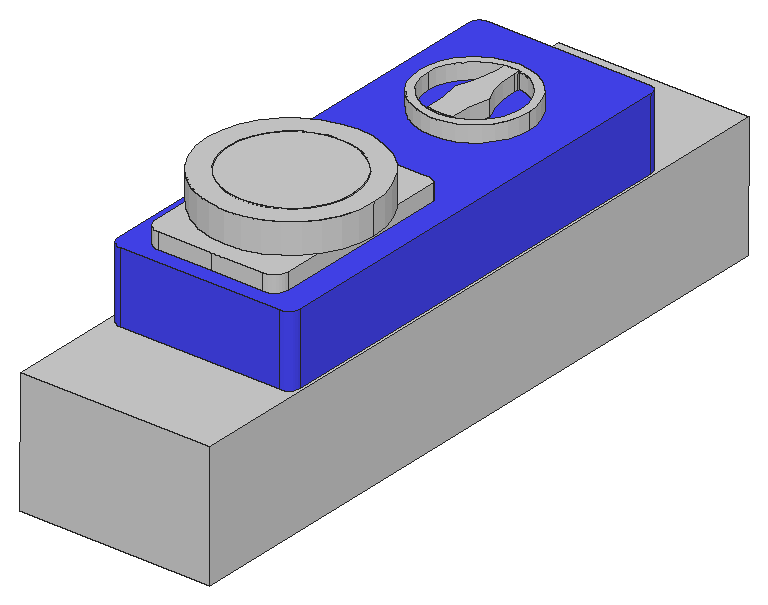
Revit family "Building-ConnessioniIEC309-GEWISS-67IB-PRESE-INTERBLOCCATE_IP67_CON_FONDO_63A_FUS", category Apparecchi elettrici, host Superficie, Revit 2019
Family settings
  Host = Superficie
  Mantenere orientamento annotazione = Sì
  Quota connettore circolare = Usa diametro
  Tipo di parte = Normale
  Taglio con vuoti quando caricato = Sì
  Condiviso = Sì
  Punto di calcolo locali = Sì
Parameters (values of type "GW67255N - PR.BL IP67 C.F.3P+N+T 63A 500V 7H CBF")
  presa = rosso
  npoli = 1
  giallo = 0 mm
  dist_piano [instance] = 0 mm
  di_simb [instance] = 10 mm
  Vista 2d [instance] = yes
  Versione file RFA = "21.4"
  URL = "https://www.gewiss.com/it/it"
  Tipologia = "Verticale"
  Tipo fusibile = "Ø 22x58 mm"
  Termopressione con biglia = "125 °C (Presa IB) - 80 °C (Cassetta di fondo)"
  Tensione nominale: = "480 - 500 V"
  Tensione nominale di tenuta ad impulso = "4KV"
  Tensione nominale di isolamento (Ui) = "500V"
  Tensione nominale = "480 - 500 V"
  Temperatura di utilizzo = "-25 +40 °C"
  Temperatura di funzionamento = "-25 ÷ +40 °C"
  Struttura = Grigio RAL - 7035
  Simbolo presa = PRESAINDSTAGNA : 3P
  Simbolo [instance] = yes
  Scheda Tecnica = "https://www.gewiss.com/it/it/search?q=GW67255N"
  SEO = "Presa"
  Riferimento h = "7"
  Resistenza agli urti = "IK08"
  Protezione = "Base portafusibile (CBF)"
  Default Elevation = 1219.2 mm
  Produttore = "GEWISS S.p.A."
  Potere di interruzione fusibili = "> 50 kA"
  Potenza in wolt = 0 V
  Peso (kg) = "Max. 2,5 Kg"
  Peso = "Max. 2,5 Kg"
  Numero di poli = "3P+N+T"
  N. poli = "3P+N+T"
  Modello = "GW67255N"
  Immagine tipo = L.jpg
  IDT = "c3a9b50e-4e9d-4f00-afb7-28748640f89d"
  IDF = "4aa2b484-5c2a-44cd-940a-1b22c431d32e"
  Grado di protezione = "IP67"
  Glow wire test: = "850 °C (Presa IB) - 650 °C (Cassetta di fondo)"
  Glow Wire Test = "850 °C (Presa IB) - 650 °C (Cassetta di fondo)"
  Frequenza nominale (Hz) = "50/60 Hz"
  Frequenza = "50/60 Hz"
  Distanza x [instance] = 0 mm
  Distanza orizzontale simbolo [instance] = 100 mm
  Distanza effettiva x [instance] = 1500 mm - Distanza x  # 1500 mm
  Descrizione = "PR.BL IP67 C.F.3P+N+T 63A 500V 7H CBF"
  Creato da GEWISS S.p.A. = ""
  Corrente nominale di cortocircuito (Icc) = "10KA"
  Corrente nominale (In) presa IB = "48A"
  Corrente nominale (In) = "63"
  Corrente nominale (A) = "63"
  Corpo presa = GEWISS -BLU
  Cornice simbolo [instance] = yes
  Con fondo = "Si"
  Colore: = "Nero"
  Colore = "Nero"
  Codice Electrocod = "2222"
  Codice EAN = "8011564742253"
  Catalogo Serie = "67 IB"
  Catalogo = "BUILDING"
  COBie.Tagnumber = ""
  COBie.CreatedOn = ""
  COBie.CreatebBy = ""
  COBie.ComponentRegisterItemID = ""
  COBie.Component.TagNumber = ""
  COBie.Component.Space = ""
  COBie.Component.SerialNumber = ""
  COBie.Component.InstallationDate = ""
  COBie.Component.Description = ""
  COBie.Component.BarCode = ""
Types (11, lengths in mm): name | Tensione nominale: | Tensione nominale | Scheda Tecnica | Riferimento h | Numero di poli | N. poli | Modello | IDT | Descrizione | Corrente nominale (In) presa IB | Colore: | Colore | Codice EAN
  GW67245N - PR.BL IP67 C.F.2P+T 63A 110V 4H CBF | "100 - 130 V" | "100 - 130 V" | "https://www.gewiss.com/it/it/search?q=GW67245N" | "4" | "2P+T" | "2P+T" | "GW67245N" | "75e21ffc-e24b-42f5-81f5-3eca0e25fa48" | "PR.BL IP67 C.F.2P+T 63A 110V 4H CBF" | "54A" | "Giallo" | "Giallo" | "8011564742154"
  GW67246N - PR.BL IP67 C.F.3P+T 63A 110V 4H CBF | "100 - 130 V" | "100 - 130 V" | "https://www.gewiss.com/it/it/search?q=GW67246N" | "4" | "3P+T" | "3P+T" | "GW67246N" | "f0edf303-f6f3-471c-8832-2f39ec08b6d0" | "PR.BL IP67 C.F.3P+T 63A 110V 4H CBF" | "52A" | "Giallo" | "Giallo" | "8011564742161"
  GW67247N - PR.BL IP67 C.F.3P+N+T 63A 110V 4H CBF | "100 - 130 V" | "100 - 130 V" | "https://www.gewiss.com/it/it/search?q=GW67247N" | "4" | "3P+N+T" | "3P+N+T" | "GW67247N" | "988bef1f-4404-46a9-900d-16c0072cb507" | "PR.BL IP67 C.F.3P+N+T 63A 110V 4H CBF" | "48A" | "Giallo" | "Giallo" | "8011564742178"
  GW67248N - PR.BL IP67 C.F.2P+T 63A 230V 6H CBF | "200 - 250 V" | "200 - 250 V" | "https://www.gewiss.com/it/it/search?q=GW67248N" | "6" | "2P+T" | "2P+T" | "GW67248N" | "0f50aefc-8b62-4424-ad2e-9d7e70bd5565" | "PR.BL IP67 C.F.2P+T 63A 230V 6H CBF" | "54A" | "Blu" | "Blu" | "8011564742185"
  GW67249N - PR.BL IP67 C.F.3P+T 63A 230V 9H CBF | "200 - 250 V" | "200 - 250 V" | "https://www.gewiss.com/it/it/search?q=GW67249N" | "9" | "3P+T" | "3P+T" | "GW67249N" | "6a8054e5-1ad7-4ecd-b4c8-2701be64e304" | "PR.BL IP67 C.F.3P+T 63A 230V 9H CBF" | "52A" | "Blu" | "Blu" | "8011564742192"
  GW67250N - PR.BL IP67 C.F.3P+N+T 63A 230V 9H CBF | "200 - 250 V" | "200 - 250 V" | "https://www.gewiss.com/it/it/search?q=GW67250N" | "9" | "3P+N+T" | "3P+N+T" | "GW67250N" | "70e28c87-f6f5-4e80-af1d-078a08a626f9" | "PR.BL IP67 C.F.3P+N+T 63A 230V 9H CBF" | "48A" | "Blu" | "Blu" | "8011564742208"
  GW67251N - PR.BL IP67 C.F.2P+T 63A 400V 9H CBF | "380 - 415 V" | "380 - 415 V" | "https://www.gewiss.com/it/it/search?q=GW67251N" | "9" | "2P+T" | "2P+T" | "GW67251N" | "ddbee239-5c1a-499c-96da-6e439cd37584" | "PR.BL IP67 C.F.2P+T 63A 400V 9H CBF" | "54A" | "Rosso" | "Rosso" | "8011564742215"
  GW67252N - PR.BL IP67 C.F.3P+T 63A 400V 6H CBF | "380 - 415 V" | "380 - 415 V" | "https://www.gewiss.com/it/it/search?q=GW67252N" | "6" | "3P+T" | "3P+T" | "GW67252N" | "09da8fb5-6a28-4a9a-b9b3-701aec00e37d" | "PR.BL IP67 C.F.3P+T 63A 400V 6H CBF" | "52A" | "Rosso" | "Rosso" | "8011564742222"
  GW67253N - PR.BL IP67 C.F.3P+N+T 63A 400V 6H CBF | "380 - 415 V" | "380 - 415 V" | "https://www.gewiss.com/it/it/search?q=GW67253N" | "6" | "3P+N+T" | "3P+N+T" | "GW67253N" | "97626786-935c-46f3-8818-172a3d132a53" | "PR.BL IP67 C.F.3P+N+T 63A 400V 6H CBF" | "48A" | "Rosso" | "Rosso" | "8011564742239"
  GW67254N - PR.BL IP67 C.F.3P+T 63A 500V 7H CBF | "480 - 500 V" | "480 - 500 V" | "https://www.gewiss.com/it/it/search?q=GW67254N" | "7" | "3P+T" | "3P+T" | "GW67254N" | "b6c982c8-ed38-4f16-88bd-40fd8395360f" | "PR.BL IP67 C.F.3P+T 63A 500V 7H CBF" | "52A" | "Nero" | "Nero" | "8011564742246"
  GW67255N - PR.BL IP67 C.F.3P+N+T 63A 500V 7H CBF | "480 - 500 V" | "480 - 500 V" | "https://www.gewiss.com/it/it/search?q=GW67255N" | "7" | "3P+N+T" | "3P+N+T" | "GW67255N" | "c3a9b50e-4e9d-4f00-afb7-28748640f89d" | "PR.BL IP67 C.F.3P+N+T 63A 500V 7H CBF" | "48A" | "Nero" | "Nero" | "8011564742253"
Reference planes
  plane 1 "Centro (Fronte/Retro)": y = 0
  plane 2: z = 0
  plane 3 "Centro (Sinistra/Destra)": x = 0
  plane 4: z = -2
  plane 5: x = 0
  plane 6: x = -1500
  plane 7: x = 0
  plane 8: y = 10
  plane 9: y = -190.148
  plane 10: y = 190.148
  plane 11: z = -2
  plane 12: z = 68
  plane 13: x = -53.5
  plane 14: x = 53.5
Forms (mm)
  Extrusion 1, solid, material "Grigio RAL - 7035" <- "Struttura"
    sketch origin (0, 0, 0) x (0, 1, 0) y (0, 0, 1)
      loop
        line (-190.148, -2) -> (190.148, -2) -> (190.148, 68) -> (-190.148, 68) -> (-190.148, -2)
    from -53.5 to 53.5
Lines and regions (mm)
  Masking region 1, visible <- "Vista 2d"
    outline origin (0, 0, 0) x (1, 0, 0) y (0, 0, 1)
      loop
        line (-48.014, 117) -> (45.783, 117) -> (45.783, 134) -> (-48.014, 134) -> (-48.014, 117)
  Masking region 2, visible <- "Vista 2d"
    outline origin (0, 0, 0) x (1, 0, 0) y (0, 0, 1)
      loop
        line (-38.619, 108) -> (36.387, 108) -> (36.387, 117) -> (-38.619, 117) -> (-38.619, 108)
  Masking region 3, visible <- "Vista 2d"
    outline origin (0, 0, 0) x (1, 0, 0) y (0, 0, 1)
      loop
        line (-51.5, 68) -> (51.5, 68) -> (51.5, 108) -> (-51.5, 108) -> (-51.5, 68)
Dimensions and locks
  locked: plane 2 to plane 4 at 2
  "Distanza effettiva x": plane 5 to plane 6
  plane 3 "Centro (Sinistra/Destra)" to plane 6 = 1500 mm
  plane 6 to plane 5 = 1500 mm
  "Distanza effettiva x": plane 6 to plane 7
  "di_simb": plane 8 to plane 1 "Centro (Fronte/Retro)"
  equal spacing: plane 9, plane 1 "Centro (Fronte/Retro)", plane 10
  plane 9 to plane 10 = 380.295 mm
  plane 12 to plane 11 = 70 mm
  "dist_piano": plane 11 to plane 4
  locked: plane 13 to nested 1 at 2
  locked: plane 14 to nested 1 at 2
  aligned and locked: plane 2 to host face
  aligned and locked: level to host face
  aligned and locked: plane 3 "Centro (Sinistra/Destra)" to nested 1
  aligned and locked: Extrusion 1 sketch curve to plane 9
  aligned and locked: Extrusion 1 sketch curve to plane 11
  aligned and locked: Extrusion 1 sketch curve to plane 12
  aligned and locked: Extrusion 1 sketch curve to plane 10
  aligned and locked: nested 1 to plane 12
  aligned and locked: plane 13 to Extrusion 1
  aligned and locked: Extrusion 1 to plane 14
  aligned and locked: Masking region 1 sketch curve to nested 1  (x4)
  aligned and locked: Masking region 2 sketch curve to nested 1  (x4)
  aligned and locked: Masking region 3 sketch curve to nested 1  (x3)
  aligned and locked: nested 1 to Masking region 3 sketch curve
  aligned and locked: plane 7 to nested 2
Automatic sketch dimensions
  host sketch curve to host sketch curve = 2438.4 mm  (x2)
Nested families
  nested 1: "67IB PRESE INTERBLOC VERT 63A + PORTAFUS IP67_base" at (0, 0, 68), type "67IB PRESE INTERBLOC VERT 63A + PORTAFUS IP67_base", detail levels medium+fine
  nested 2: "PRESAINDPFUS_BASE" at (0, 41, 0), DIS <- "di_simb", type "2P"
    with DIS 10 mm, CORNICE SIMBOLO yes
Connectors
  electrical at (0, 0, -2), driven by "npoli", driven by "Potenza in wolt"
    settings: on Extrusion 1, index 1, voltage 0 V, apparent load 0 VA, apparent load phase1 0 VA, apparent load phase2 0 VA, apparent load phase3 0 VA, power factor 1, load classification "Altro", number of poles 1, system type 31, power factor state 1, is connector primary yes, connector utility no, sub classification motor no, connector description ""
Definition of nested family "67IB PRESE INTERBLOC VERT 63A + PORTAFUS IP67_base"
  Parameters (values of type "67IB PRESE INTERBLOC VERT 63A + PORTAFUS IP67_base")
    l = 260.291 mm
    corpo presa = none
    Struttura = none
    Spessore = 30 mm
    Default Elevation = 14 mm
    Presa = none
    Lunghezza = 103 mm
    IFC.TypeObject = ""
    IFC.ExportType = ""
    IFC.ExportAs = ""
    H_da terra = 586.883 mm
    COBie.CreatedOn = ""
    COBie.CreatebBy = ""
    COBie.ComponentRegisterItemID = ""
    COBie.Component.TagNumber = ""
    COBie.Component.Space = ""
    COBie.Component.SerialNumber = ""
    COBie.Component.InstallationDate = ""
    COBie.Component.Description = ""
    COBie.Component.BarCode = ""
    Altezza = 220 mm
  Reference planes
    plane 1 "Centro (Fronte/Retro)": y = 0
    plane 2: z = 0
    plane 3 "Centro (Sinistra/Destra)": x = 0
    plane 4: z = 6.883
    plane 5: z = 10.499
    plane 6: z = 66
    plane 7: z = 49
    plane 8: z = 40
    plane 9: y = 130.145
    plane 10: y = -130.145
    plane 11: y = -8
    plane 12: x = 51.5
    plane 13: x = -51.5
  Forms (mm)
    Extrusion 1, solid, material <- "Struttura"
      sketch origin (-1.116, -694.604, -30) x (1, 0, 0) y (0, 1, 0)
        loop
          line (-0.408, 686.604) -> (-29.506, 686.604)
          spline (-29.506, 686.604) -> (-30.55, 686.579) -> (-31.576, 686.505) -> (-32.567, 686.384) -> (-33.505, 686.218) -> (-34.375, 686.009) -> (-35.161, 685.76) -> (-35.851, 685.477) -> (-36.432, 685.164) -> (-36.895, 684.827) -> (-37.231, 684.47) -> (-37.435, 684.101) -> (-37.503, 683.725)
          line (-37.503, 683.725) -> (-37.503, 581.36)
          spline (-37.503, 581.36) -> (-37.435, 580.332) -> (-37.231, 579.321) -> (-36.895, 578.345) -> (-36.432, 577.421) -> (-35.851, 576.564) -> (-35.161, 575.789) -> (-34.375, 575.11) -> (-33.505, 574.537) -> (-32.567, 574.082) -> (-31.576, 573.75) -> (-30.55, 573.549) -> (-29.506, 573.482)
          line (-29.506, 573.482) -> (0, 573.482) -> (29.506, 573.482)
          spline (29.506, 573.482) -> (30.55, 573.549) -> (31.576, 573.75) -> (32.567, 574.082) -> (33.505, 574.537) -> (34.375, 575.11) -> (35.161, 575.789) -> (35.851, 576.564) -> (36.432, 577.421) -> (36.895, 578.345) -> (37.231, 579.321) -> (37.435, 580.332) -> (37.503, 581.36)
          line (37.503, 581.36) -> (37.503, 683.725)
          spline (37.503, 683.725) -> (37.435, 684.101) -> (37.231, 684.47) -> (36.895, 684.827) -> (36.432, 685.164) -> (35.851, 685.477) -> (35.161, 685.76) -> (34.375, 686.009) -> (33.505, 686.218) -> (32.567, 686.384) -> (31.576, 686.505) -> (30.55, 686.579) -> (29.506, 686.604)
          line (29.506, 686.604) -> (-0.408, 686.604)
      from 70 to 79
    Extrusion 2, solid, material <- "Presa"
      sketch origin (-1.116, -710.854, -30) x (1, 0, 0) y (0, 1, 0)
        loop
          circle (0, 646.456) r 46.899
        loop
          circle (0, 646.456) r 35
      from 79 to 96
    Extrusion 3, solid, material <- "Struttura"
      sketch origin (-1.116, -687.104, -30) x (1, 0, 0) y (0, 1, 0)
        loop
          circle (0, 752.384) r 30.831
        loop
          circle (0, 752.384) r 26.483
      from 70 to 79
    Extrusion 4, solid, material <- "Struttura"
      sketch origin (-1.116, -687.104, -30) x (1, 0, 0) y (0, 1, 0)
        loop
          arc (-9.552, 750.899) -> (-7.429, 739.645) -> (-7.314, 728.193) r 64.983
          arc (-7.314, 728.193) -> (-0.131, 727.067) -> (7.064, 728.115) r 24.316
          arc (7.064, 728.115) -> (7.302, 739.566) -> (9.547, 750.796) r 64.983
          arc (9.547, 750.796) -> (5.519, 762.425) -> (4.215, 774.661) r 54.251
          line (4.215, 774.661) -> (4.25, 777.658)
          arc (4.25, 777.658) -> (3.985, 778.329) -> (3.336, 778.647) r 1
          arc (3.336, 778.647) -> (0.147, 778.794) -> (-3.043, 778.682) r 39.364
          arc (-3.043, 778.682) -> (-3.695, 778.371) -> (-3.967, 777.702) r 1
          line (-3.967, 777.702) -> (-3.964, 774.706)
          arc (-3.964, 774.706) -> (-5.4, 762.483) -> (-9.552, 750.899) r 54.251
      from 70 to 79
    Extrusion 5, solid, material <- "corpo presa"
      sketch origin (-3.616, -699.604, -30) x (1, 0, 0) y (0, 1, 0)
        loop
          arc (55.116, 823.443) -> (53.269, 827.902) -> (48.81, 829.749) r 6.306
          line (48.81, 829.749) -> (-41.578, 829.749)
          arc (-41.578, 829.749) -> (-46.037, 827.902) -> (-47.884, 823.443) r 6.306
          line (-47.884, 823.443) -> (-47.884, 575.973)
          arc (-47.884, 575.973) -> (-45.976, 571.366) -> (-41.369, 569.458) r 6.515
          line (-41.369, 569.458) -> (48.601, 569.458)
          arc (48.601, 569.458) -> (53.208, 571.366) -> (55.116, 575.973) r 6.515
          line (55.116, 575.973) -> (55.116, 823.443)
      from 30 to 70
    Extrusion 6, solid, material <- "Struttura", not visible
      sketch origin (0, 47.014, -580) x (1, 0, 0) y (0, 0, 1)
        loop
          line (-0.408, 691.748) -> (-29.506, 691.748)
          spline (-29.506, 691.748) -> (-30.55, 691.681) -> (-31.576, 691.48) -> (-32.567, 691.148) -> (-33.505, 690.693) -> (-34.375, 690.12) -> (-35.161, 689.441) -> (-35.851, 688.666) -> (-36.432, 687.809) -> (-36.895, 686.885) -> (-37.231, 685.909) -> (-37.435, 684.898) -> (-37.503, 683.87)
          line (-37.503, 683.87) -> (-37.503, 615.12)
          spline (-37.503, 615.12) -> (-37.435, 614.091) -> (-37.231, 613.081) -> (-36.895, 612.105) -> (-36.432, 611.18) -> (-35.851, 610.324) -> (-35.161, 609.549) -> (-34.375, 608.869) -> (-33.505, 608.297) -> (-32.567, 607.841) -> (-31.576, 607.51) -> (-30.55, 607.309) -> (-29.506, 607.241)
          line (-29.506, 607.241) -> (0, 607.241) -> (29.506, 607.241)
          spline (29.506, 607.241) -> (30.55, 607.309) -> (31.576, 607.51) -> (32.567, 607.841) -> (33.505, 608.297) -> (34.375, 608.869) -> (35.161, 609.549) -> (35.851, 610.324) -> (36.432, 611.18) -> (36.895, 612.105) -> (37.231, 613.081) -> (37.435, 614.091) -> (37.503, 615.12)
          line (37.503, 615.12) -> (37.503, 683.87)
          spline (37.503, 683.87) -> (37.435, 684.898) -> (37.231, 685.909) -> (36.895, 686.885) -> (36.432, 687.809) -> (35.851, 688.666) -> (35.161, 689.441) -> (34.375, 690.12) -> (33.505, 690.693) -> (32.567, 691.148) -> (31.576, 691.48) -> (30.55, 691.681) -> (29.506, 691.748)
          line (29.506, 691.748) -> (-0.408, 691.748)
      from 51.991 to 55.821
    Extrusion 7, solid, material <- "Presa", not visible
      sketch origin (0, 47.014, -580) x (1, 0, 0) y (0, 0, 1)
        loop
          circle (0, 646.456) r 46.899
      from 55.821 to 62.709
    Extrusion 8, solid, material <- "Struttura", not visible
      sketch origin (0, 47.014, -580) x (1, 0, 0) y (0, 0, 1)
        loop
          circle (0, 752.384) r 30.831
        loop
          circle (0, 752.384) r 26.483
      from 51.991 to 62.709
    Extrusion 9, solid, material <- "Struttura", not visible
      sketch origin (0, 47.014, -580) x (1, 0, 0) y (0, 0, 1)
        loop
          arc (-9.552, 750.899) -> (-7.429, 739.645) -> (-7.314, 728.193) r 64.983
          arc (-7.314, 728.193) -> (-0.131, 727.067) -> (7.064, 728.115) r 24.316
          arc (7.064, 728.115) -> (7.302, 739.566) -> (9.547, 750.796) r 64.983
          arc (9.547, 750.796) -> (5.519, 762.425) -> (4.215, 774.661) r 54.251
          line (4.215, 774.661) -> (4.25, 777.658)
          arc (4.25, 777.658) -> (3.985, 778.329) -> (3.336, 778.647) r 1
          arc (3.336, 778.647) -> (0.147, 778.794) -> (-3.043, 778.682) r 39.364
          arc (-3.043, 778.682) -> (-3.695, 778.371) -> (-3.967, 777.702) r 1
          line (-3.967, 777.702) -> (-3.964, 774.706)
          arc (-3.964, 774.706) -> (-5.4, 762.483) -> (-9.552, 750.899) r 54.251
      from 51.991 to 62.709
    Extrusion 10, solid, material <- "corpo presa", not visible
      sketch origin (0, 47.014, -580) x (1, 0, 0) y (0, 0, 1)
        loop
          arc (47.884, 796.962) -> (46.037, 801.42) -> (41.578, 803.267) r 6.306
          line (41.578, 803.267) -> (-41.578, 803.267)
          arc (-41.578, 803.267) -> (-46.037, 801.42) -> (-47.884, 796.962) r 6.306
          line (-47.884, 796.962) -> (-47.884, 597.014)
          arc (-47.884, 597.014) -> (-45.976, 592.407) -> (-41.369, 590.499) r 6.515
          line (-41.369, 590.499) -> (41.369, 590.499)
          arc (41.369, 590.499) -> (45.976, 592.407) -> (47.884, 597.014) r 6.515
          line (47.884, 597.014) -> (47.884, 796.962)
      from 30 to 51.991
    Extrusion 11, solid, material <- "Struttura"
      sketch origin (0, 0, 0) x (1, 0, 0) y (0, 1, 0)
        loop
          circle (-1.116, -64.397) r 35
      from 49 to 66
  Dimensions and locks
    locked: plane 5 to plane 4 at 3.616
    Extrusion 5 sketch curve to Extrusion 5 sketch curve = 103 mm
    plane 6 to plane 2 = 66 mm
    locked: plane 7 to plane 6 at 17
    plane 8 to plane 2 = 40 mm
    locked: plane 8 to plane 7 at 9
    equal spacing: plane 10, plane 1 "Centro (Fronte/Retro)", plane 9
    "l": plane 10 to plane 9
    locked: plane 1 "Centro (Fronte/Retro)" to plane 11 at 8
    equal spacing: plane 13, plane 3 "Centro (Sinistra/Destra)", plane 12
    radius of Extrusion 5 sketch curve = 6.306 mm  (x2)
    radius of Extrusion 5 sketch curve = 6.515 mm  (x2)
    aligned and locked: level to plane 2
    aligned and locked: Extrusion 3 to Extrusion 5
    aligned and locked: Extrusion 4 to Extrusion 3
    aligned and locked: Extrusion 3 to Extrusion 4
    aligned and locked: Extrusion 2 to Extrusion 1
    aligned and locked: Extrusion 5 to level
    aligned and locked: plane 6 to Extrusion 2
    aligned: Extrusion 11 sketch curve to Extrusion 2
    aligned and locked: Extrusion 11 sketch curve to Extrusion 2
    aligned and locked: Extrusion 11 to Extrusion 1
    aligned and locked: plane 6 to Extrusion 11
    aligned and locked: Extrusion 1 to plane 7
    aligned and locked: Extrusion 5 to plane 8
    aligned and locked: plane 8 to Extrusion 1
    aligned and locked: Extrusion 3 to plane 7
    aligned and locked: plane 10 to Extrusion 5
    aligned and locked: Extrusion 5 to plane 9
    aligned and locked: plane 11 to Extrusion 1 sketch curve
    aligned and locked: Extrusion 5 sketch curve to plane 13
  Automatic sketch dimensions
    Extrusion 1 sketch curve to plane 3 "Centro (Sinistra/Destra)" = 38.619 mm
    Extrusion 1 sketch curve to Extrusion 1 sketch curve = 7.997 mm  (x3)
    Extrusion 1 sketch curve to plane 3 "Centro (Sinistra/Destra)" = 1.523 mm
    Extrusion 1 sketch curve to plane 3 "Centro (Sinistra/Destra)" = 1.116 mm
    plane 3 "Centro (Sinistra/Destra)" to Extrusion 1 sketch curve = 28.391 mm  (x2)
    plane 1 "Centro (Fronte/Retro)" to Extrusion 1 sketch curve = 10.878 mm  (x2)
    Extrusion 1 sketch curve to Extrusion 1 sketch curve = 7.878 mm  (x2)
    Extrusion 2 sketch curve to Extrusion 2 sketch curve = 0 mm  (x2)
    Extrusion 2 sketch curve to plane 3 "Centro (Sinistra/Destra)" = 1.116 mm
    plane 1 "Centro (Fronte/Retro)" to Extrusion 2 sketch curve = 64.397 mm
    Extrusion 3 sketch curve to Extrusion 3 sketch curve = 0 mm  (x2)
    Extrusion 3 sketch curve to plane 3 "Centro (Sinistra/Destra)" = 1.116 mm
    Extrusion 3 sketch curve to plane 1 "Centro (Fronte/Retro)" = 65.28 mm
    Extrusion 4 sketch curve to plane 1 "Centro (Fronte/Retro)" = 46.167 mm
    Extrusion 4 sketch curve to plane 3 "Centro (Sinistra/Destra)" = 73.214 mm
    Extrusion 4 sketch curve to Extrusion 4 sketch curve = 13.883 mm
    Extrusion 4 sketch curve to plane 3 "Centro (Sinistra/Destra)" = 5.083 mm
    Extrusion 4 sketch curve to Extrusion 4 sketch curve = 0.003 mm
    Extrusion 4 sketch curve to Extrusion 4 sketch curve = 1 mm  (x2)
    Extrusion 4 sketch curve to plane 3 "Centro (Sinistra/Destra)" = 1.18 mm
    Extrusion 4 sketch curve to plane 3 "Centro (Sinistra/Destra)" = 1.116 mm
    plane 3 "Centro (Sinistra/Destra)" to Extrusion 4 sketch curve = 2.134 mm
    plane 3 "Centro (Sinistra/Destra)" to Extrusion 4 sketch curve = 3.099 mm
    Extrusion 4 sketch curve to Extrusion 4 sketch curve = 54.25 mm
    Extrusion 4 sketch curve to Extrusion 4 sketch curve = 13.435 mm
    Extrusion 4 sketch curve to plane 1 "Centro (Fronte/Retro)" = 45.393 mm
    Extrusion 4 sketch curve to plane 1 "Centro (Fronte/Retro)" = 52.327 mm
    Extrusion 4 sketch curve to Extrusion 4 sketch curve = 11.953 mm
    Extrusion 4 sketch curve to Extrusion 4 sketch curve = 41.757 mm
    Extrusion 4 sketch curve to Extrusion 4 sketch curve = 23.278 mm
    Extrusion 4 sketch curve to Extrusion 4 sketch curve = 0.044 mm
    Extrusion 4 sketch curve to Extrusion 4 sketch curve = 41.61 mm
    Extrusion 4 sketch curve to Extrusion 4 sketch curve = 2.99 mm
    Extrusion 4 sketch curve to Extrusion 4 sketch curve = 0.007 mm
    Extrusion 4 sketch curve to Extrusion 4 sketch curve = 2.979 mm
    Extrusion 4 sketch curve to Extrusion 4 sketch curve = 0.018 mm
    Extrusion 4 sketch curve to Extrusion 4 sketch curve = 9.552 mm
    Extrusion 4 sketch curve to plane 3 "Centro (Sinistra/Destra)" = 8.43 mm
    Extrusion 4 sketch curve to Extrusion 4 sketch curve = 0 mm
    plane 3 "Centro (Sinistra/Destra)" to Extrusion 4 sketch curve = 5.949 mm
    plane 9 to Extrusion 5 sketch curve = 0 mm
    Extrusion 1 sketch curve to plane 10 = 16.902 mm
    plane 10 to Extrusion 5 sketch curve = 0 mm
    radius of Extrusion 2 sketch curve = 46.899 mm
    radius of Extrusion 2 sketch curve = 35 mm
    radius of Extrusion 3 sketch curve = 30.831 mm
    radius of Extrusion 3 sketch curve = 26.483 mm
Definition of nested family "PRESAINDPFUS_BASE"
  Parameters (values of type "3P")
    DIS [instance] = 0 mm
    CORNICE SIMBOLO [instance] = yes
    3P = yes
  Types (2, lengths in mm): name | DIS | 3P
    3P | 0 | yes
    2P | 3.09 | no
  Reference planes
    plane 1: y = 0
    plane 2: x = 0
  Lines and regions (mm)
    detail lines, visible <- "CORNICE SIMBOLO"
      curve 1: line (-0.9, 2.3, 0) -> (0.9, 2.3, 0)
      curve 2: line (0.9, 2.3, 0) -> (0.9, 0, 0)
      curve 3: line (0.9, 0, 0) -> (-0.9, 0, 0)
      curve 4: line (-0.9, 0, 0) -> (-0.9, 2.3, 0)
    detail lines, not visible
      curve 5: line (-2.443, 10.208, 0) -> (2.057, 10.208, 0)
      curve 6: line (2.057, 10.208, 0) -> (2.057, 4.208, 0)
      curve 7: line (2.057, 4.208, 0) -> (-2.443, 4.208, 0)
      curve 8: line (-2.443, 4.208, 0) -> (-2.443, 10.208, 0)
      curve 9: line (-2.043, 9.808, 0) -> (1.657, 9.808, 0)
      curve 10: line (1.657, 9.808, 0) -> (1.657, 4.608, 0)
      curve 11: line (1.657, 4.608, 0) -> (-2.043, 4.608, 0)
      curve 12: line (-2.043, 4.608, 0) -> (-2.043, 9.808, 0)
      curve 35: line (-0.45, 0.969, 0) -> (-0.167, 0.969, 0)
      curve 36: line (-0.167, 0.969, 0) -> (0.33, 1.829, 0)
      curve 37: line (0.33, 1.829, 0) -> (0.836, 1.536, 0)
      curve 38: line (-0.167, 0.969, 0) -> (-0.45, 0.478, 0)
      curve 39: line (-0.45, 0.478, 0) -> (-0.45, 2.241, 0)
      curve 40: line (0.135, 1.491, 0) -> (0.641, 1.199, 0)
      curve 41: line (-0.84, 0.478, 0) -> (-0.06, 0.478, 0)
      curve 42: line (-0.45, 0.852, 0) -> (-0.333, 0.969, 0)
      curve 43: line (-0.45, 0.783, 0) -> (-0.264, 0.969, 0)
      curve 44: line (-0.45, 0.714, 0) -> (-0.195, 0.969, 0)
      curve 45: line (-0.45, 0.645, 0) -> (-0.223, 0.872, 0)
      curve 46: line (-0.45, 0.576, 0) -> (-0.317, 0.709, 0)
      curve 48: arc (-0.84, 0.089, 0) -> (-0.45, 0.478, 0) -> (-0.06, 0.089, 0) r 0.39
      curve 49: line (-0.608, 1.143, 0) -> (-0.608, 1.964, 0)
      curve 50: line (-0.608, 1.964, 0) -> (-0.292, 1.964, 0)
      curve 51: line (-0.292, 1.964, 0) -> (-0.292, 1.143, 0)
      curve 52: line (-0.292, 1.143, 0) -> (-0.608, 1.143, 0)
    detail lines
      curve 13: line (-0.45, 0.969, 0) -> (-0.167, 0.969, 0)
      curve 14: line (-0.167, 0.969, 0) -> (0.33, 1.829, 0)
      curve 15: line (0.33, 1.829, 0) -> (0.836, 1.536, 0)
      curve 16: line (-0.167, 0.969, 0) -> (-0.45, 0.478, 0)
      curve 17: line (-0.45, 0.478, 0) -> (-0.45, 2.241, 0)
      curve 18: line (0.135, 1.491, 0) -> (0.641, 1.199, 0)
      curve 19: line (-0.84, 0.478, 0) -> (-0.06, 0.478, 0)
      curve 20: line (-0.45, 0.852, 0) -> (-0.333, 0.969, 0)
      curve 21: line (-0.45, 0.783, 0) -> (-0.264, 0.969, 0)
      curve 22: line (-0.45, 0.714, 0) -> (-0.195, 0.969, 0)
      curve 23: line (-0.45, 0.645, 0) -> (-0.223, 0.872, 0)
      curve 24: line (-0.45, 0.576, 0) -> (-0.317, 0.709, 0)
      curve 26: arc (-0.84, 0.089, 0) -> (-0.45, 0.478, 0) -> (-0.06, 0.089, 0) r 0.39
      curve 27: line (-0.608, 1.143, 0) -> (-0.608, 1.964, 0)
      curve 28: line (-0.608, 1.964, 0) -> (-0.292, 1.964, 0)
      curve 29: line (-0.292, 1.964, 0) -> (-0.292, 1.143, 0)
      curve 30: line (-0.292, 1.143, 0) -> (-0.608, 1.143, 0)
    detail lines, visible <- "3P"
      curve 25: line (-0.06, 1.154, 0) -> (0.446, 0.861, 0)
    detail lines, visible <- "CORNICE SIMBOLO", not visible
      curve 31: line (-0.9, 2.3, 0) -> (0.9, 2.3, 0)
      curve 32: line (0.9, 2.3, 0) -> (0.9, 0, 0)
      curve 33: line (0.9, 0, 0) -> (-0.9, 0, 0)
      curve 34: line (-0.9, 0, 0) -> (-0.9, 2.3, 0)
    detail lines, visible <- "3P", not visible
      curve 47: line (-0.06, 1.154, 0) -> (0.446, 0.861, 0)
  Dimensions and locks
    "DIS": plane 1 to curve 3
